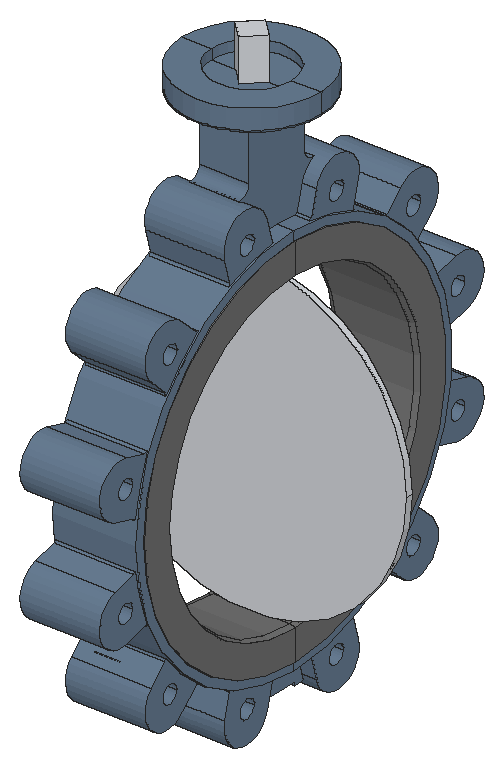
Revit family "HERZ Isolating Butterfly Valves AF-4219", category Rohrzubehör, Revit 2020 (continued)
Lines and regions (mm)
  model lines, detail levels coarse+medium
    curve 10: line (39, 0, 183) -> (-39, 0, 183)
    curve 11: line (39, 0, -183) -> (-39, 0, 183)
    curve 12: circle (0, 0, 0) r 5 normal (0, -1, 0)
Dimensions and locks
  "H01": Revolve 2 sketch curve to plane 2
  "H02": Revolve 2 sketch curve to Revolve 2 sketch curve
  "R01": Revolve 2 sketch curve to Revolve 2 sketch curve
  "D01": plane 2 to Revolve 1 sketch curve
  "D02": plane 2 to Revolve 1 sketch curve
  "D03": plane 2 to Revolve 1 sketch curve
  "L01": Revolve 1 sketch curve to plane 3 "Mitte (Links/rechts)"
  "L02": plane 3 "Mitte (Links/rechts)" to Revolve 1 sketch curve  (x2)
  "D05": Revolve 6 sketch curve to plane 2
  "D04": Revolve 6 sketch curve to plane 2  (x2)
  "D02": Revolve 6 sketch curve to plane 2  (x2)
  "L03": plane 3 "Mitte (Links/rechts)" to Revolve 6 sketch curve
  "L02": Revolve 6 sketch curve to plane 3 "Mitte (Links/rechts)"
  "L03": Revolve 6 sketch curve to plane 3 "Mitte (Links/rechts)"
  "L01": plane 3 "Mitte (Links/rechts)" to Revolve 1 sketch curve
  "D02": Revolve 1 sketch curve to plane 2
  "L02": plane 3 "Mitte (Links/rechts)" to Revolve 6 sketch curve
  "D03": plane 2 to Revolve 6 sketch curve
  "L04": Revolve 6 sketch curve to plane 3 "Mitte (Links/rechts)" to Revolve 6 sketch curve
  "L01": curve 2 to plane 3 "Mitte (Links/rechts)" to curve 4
  equal spacing: curve 3, curve 6, curve 1
  equal spacing: curve 2, curve 6, curve 4
  "D01": curve 1 to plane 1 "Mitte (Vorne/hinten)" to curve 3
  "L01": curve 7 to curve 12 to curve 9
  "D01": curve 10 to curve 12 to curve 8
  "H03": Revolve 2 sketch curve to Revolve 2 sketch curve
  "R02": Revolve 2 sketch curve to Revolve 2 sketch curve
  equal spacing: Extrusion 24 sketch curve, curve 11, Extrusion 24 sketch curve  (x2)
  "L05": Extrusion 24 sketch curve to Extrusion 24 sketch curve  (x2)
  "H04": Extrusion 24 to plane 2
  "H05": Extrusion 24 to Revolve 2
  "R99": radius of Revolve 2 sketch curve
  "D06": radius of Extrusion 7 sketch curve
  radius of curve 6 = 5.000 mm
  radius of curve 12 = 5.000 mm
  aligned and locked: level to plane 2
Automatic sketch dimensions
  Extrusion 3 sketch curve to Extrusion 3 sketch curve = 0.000 mm  (x20)
  Extrusion 3 sketch curve to level = 0.000 mm
  Extrusion 3 sketch curve to plane 1 "Mitte (Vorne/hinten)" = 0.000 mm
  plane 1 "Mitte (Vorne/hinten)" to Extrusion 3 sketch curve = 18.495 mm  (x2)
  Extrusion 3 sketch curve to Extrusion 3 sketch curve = 1.414 mm  (x16)
  Extrusion 3 sketch curve to Extrusion 3 sketch curve = 12.265 mm  (x8)
  Extrusion 3 sketch curve to level = 19.909 mm  (x2)
  Extrusion 3 sketch curve to Extrusion 3 sketch curve = 24.042 mm  (x8)
  level to Extrusion 3 sketch curve = 19.909 mm  (x2)
  Extrusion 3 sketch curve to Extrusion 3 sketch curve = 12.021 mm  (x12)
  Extrusion 3 sketch curve to plane 1 "Mitte (Vorne/hinten)" = 18.495 mm  (x2)
  Extrusion 3 sketch curve to Extrusion 3 sketch curve = 0.934 mm  (x4)
  Extrusion 4 sketch curve to level = 0.000 mm
  Extrusion 4 sketch curve to plane 1 "Mitte (Vorne/hinten)" = 0.000 mm
  plane 1 "Mitte (Vorne/hinten)" to Extrusion 4 sketch curve = 18.495 mm
  Extrusion 4 sketch curve to Extrusion 4 sketch curve = 1.414 mm  (x4)
  plane 1 "Mitte (Vorne/hinten)" to Extrusion 4 sketch curve = 20.000 mm
  Extrusion 4 sketch curve to Extrusion 4 sketch curve = 12.265 mm  (x2)
  Extrusion 4 sketch curve to Extrusion 4 sketch curve = 15.000 mm  (x2)
  Extrusion 4 sketch curve to Extrusion 4 sketch curve = 12.021 mm  (x4)
  Extrusion 4 sketch curve to plane 1 "Mitte (Vorne/hinten)" = 18.495 mm
  Extrusion 4 sketch curve to plane 1 "Mitte (Vorne/hinten)" = 20.000 mm
  level to Extrusion 4 sketch curve = 43.950 mm
  Extrusion 4 sketch curve to Extrusion 4 sketch curve = 0.000 mm
  Extrusion 4 sketch curve to Extrusion 4 sketch curve = 0.244 mm  (x2)
  Extrusion 4 sketch curve to Extrusion 4 sketch curve = 18.630 mm  (x2)
  Extrusion 4 sketch curve to Extrusion 4 sketch curve = 0.934 mm
  Extrusion 5 sketch curve to level = 0.000 mm
  Extrusion 5 sketch curve to plane 1 "Mitte (Vorne/hinten)" = 0.000 mm
  plane 1 "Mitte (Vorne/hinten)" to Extrusion 5 sketch curve = 15.000 mm
  Extrusion 5 sketch curve to Extrusion 5 sketch curve = 1.963 mm  (x2)
  Extrusion 5 sketch curve to Extrusion 5 sketch curve = 1.531 mm  (x2)
  Extrusion 5 sketch curve to Extrusion 5 sketch curve = 1.414 mm  (x4)
  Extrusion 5 sketch curve to Extrusion 5 sketch curve = 15.210 mm  (x2)
  Extrusion 5 sketch curve to Extrusion 5 sketch curve = 1.660 mm  (x2)
  Extrusion 5 sketch curve to Extrusion 5 sketch curve = 12.021 mm  (x3)
  Extrusion 5 sketch curve to plane 1 "Mitte (Vorne/hinten)" = 15.000 mm
  Extrusion 5 sketch curve to Extrusion 5 sketch curve = 1.037 mm  (x2)
  Extrusion 5 sketch curve to Extrusion 5 sketch curve = 1.400 mm  (x2)
  Extrusion 5 sketch curve to Extrusion 5 sketch curve = 1.785 mm  (x2)
  Extrusion 5 sketch curve to Extrusion 5 sketch curve = 12.635 mm  (x2)
  Extrusion 5 sketch curve to Extrusion 5 sketch curve = 0.934 mm
  Extrusion 5 sketch curve to Extrusion 5 sketch curve = 0.788 mm  (x2)
  Extrusion 5 sketch curve to Extrusion 5 sketch curve = 0.000 mm  (x2)
  Extrusion 4 sketch curve to Extrusion 4 sketch curve = 37.155 mm
  Extrusion 5 sketch curve to level = 43.950 mm
  Extrusion 8 sketch curve to Extrusion 8 sketch curve = 0.000 mm  (x12)
  Extrusion 8 sketch curve to level = 39.244 mm  (x2)
  plane 1 "Mitte (Vorne/hinten)" to Extrusion 8 sketch curve = 63.286 mm
  level to Extrusion 8 sketch curve = 39.244 mm  (x2)
  Extrusion 8 sketch curve to Extrusion 8 sketch curve = 9.190 mm  (x2)
  level to Extrusion 8 sketch curve = 28.614 mm  (x2)
  Extrusion 8 sketch curve to Extrusion 8 sketch curve = 1.441 mm  (x8)
  Extrusion 8 sketch curve to level = 28.614 mm  (x2)
  Extrusion 8 sketch curve to Extrusion 8 sketch curve = 12.021 mm  (x6)
  level to Extrusion 8 sketch curve = 63.286 mm  (x2)
  Extrusion 8 sketch curve to level = 63.286 mm  (x2)
  level to Extrusion 8 sketch curve = 52.636 mm  (x2)
  Extrusion 8 sketch curve to Extrusion 8 sketch curve = 10.650 mm  (x4)
  Extrusion 8 sketch curve to level = 52.636 mm  (x2)
  Extrusion 8 sketch curve to Extrusion 8 sketch curve = 1.414 mm  (x8)
  level to Extrusion 8 sketch curve = 0.001 mm  (x2)
  Extrusion 8 sketch curve to Extrusion 8 sketch curve = 28.594 mm
  Extrusion 8 sketch curve to level = 0.001 mm  (x2)
  Extrusion 8 sketch curve to Extrusion 8 sketch curve = 0.001 mm  (x2)
  Extrusion 8 sketch curve to Extrusion 8 sketch curve = 54.361 mm  (x2)
  Extrusion 8 sketch curve to Extrusion 8 sketch curve = 1.390 mm  (x2)
  Extrusion 8 sketch curve to Extrusion 8 sketch curve = 10.630 mm  (x2)
  Extrusion 8 sketch curve to Extrusion 8 sketch curve = 1.832 mm  (x2)
  Extrusion 9 sketch curve to Extrusion 9 sketch curve = 0.000 mm  (x5)
  Extrusion 9 sketch curve to level = 0.000 mm
  Extrusion 9 sketch curve to level = 51.265 mm
  plane 1 "Mitte (Vorne/hinten)" to Extrusion 9 sketch curve = 51.265 mm
  level to Extrusion 9 sketch curve = 51.265 mm
  Extrusion 9 sketch curve to Extrusion 9 sketch curve = 9.247 mm  (x3)
  Extrusion 9 sketch curve to level = 63.286 mm  (x2)
  Extrusion 9 sketch curve to Extrusion 9 sketch curve = 2.774 mm  (x4)
  level to Extrusion 9 sketch curve = 63.286 mm  (x2)
  Extrusion 9 sketch curve to Extrusion 9 sketch curve = 2.244 mm  (x2)
  Extrusion 9 sketch curve to Extrusion 9 sketch curve = 0.183 mm  (x2)
  level to Extrusion 9 sketch curve = 52.636 mm  (x2)
  Extrusion 9 sketch curve to Extrusion 9 sketch curve = 10.650 mm  (x3)
  Extrusion 9 sketch curve to level = 52.636 mm  (x2)
  Extrusion 9 sketch curve to Extrusion 9 sketch curve = 1.414 mm  (x8)
  Extrusion 9 sketch curve to Extrusion 9 sketch curve = 14.817 mm  (x2)
  Extrusion 9 sketch curve to Extrusion 9 sketch curve = 7.210 mm
  Extrusion 9 sketch curve to Extrusion 9 sketch curve = 1.971 mm
  Extrusion 9 sketch curve to Extrusion 9 sketch curve = 28.595 mm
  Extrusion 9 sketch curve to Extrusion 9 sketch curve = 36.000 mm
  Extrusion 9 sketch curve to Extrusion 9 sketch curve = 1.997 mm
  Extrusion 9 sketch curve to Extrusion 9 sketch curve = 44.000 mm
  Extrusion 9 sketch curve to Extrusion 9 sketch curve = 5.181 mm
  Extrusion 9 sketch curve to Extrusion 9 sketch curve = 7.184 mm
  Extrusion 9 sketch curve to Extrusion 9 sketch curve = 12.021 mm  (x2)
  Extrusion 9 sketch curve to Extrusion 9 sketch curve = 14.891 mm
  Extrusion 9 sketch curve to Extrusion 9 sketch curve = 6.473 mm
  Extrusion 9 sketch curve to Extrusion 9 sketch curve = 12.756 mm  (x2)
  Extrusion 9 sketch curve to Extrusion 9 sketch curve = 55.987 mm
  Extrusion 10 sketch curve to Extrusion 10 sketch curve = 0.000 mm  (x48)
  level to Extrusion 10 sketch curve = 14.909 mm  (x2)
  plane 1 "Mitte (Vorne/hinten)" to Extrusion 10 sketch curve = 80.416 mm
  Extrusion 10 sketch curve to level = 14.909 mm  (x2)
  Extrusion 10 sketch curve to Extrusion 10 sketch curve = 6.506 mm  (x6)
  Extrusion 10 sketch curve to level = 46.321 mm  (x2)
  level to Extrusion 10 sketch curve = 46.321 mm  (x2)
  Extrusion 10 sketch curve to level = 7.243 mm
  Extrusion 10 sketch curve to Extrusion 10 sketch curve = 13.321 mm
  level to Extrusion 10 sketch curve = 7.243 mm
  Extrusion 10 sketch curve to level = 9.076 mm  (x2)
  Extrusion 10 sketch curve to Extrusion 10 sketch curve = 0.759 mm  (x8)
  level to Extrusion 10 sketch curve = 9.076 mm  (x2)
  level to Extrusion 10 sketch curve = 40.487 mm  (x2)
  Extrusion 10 sketch curve to Extrusion 10 sketch curve = 14.082 mm  (x4)
  Extrusion 10 sketch curve to level = 40.487 mm  (x2)
  Extrusion 10 sketch curve to Extrusion 10 sketch curve = 0.758 mm  (x8)
  level to Extrusion 10 sketch curve = 67.405 mm  (x2)
  Extrusion 10 sketch curve to Extrusion 10 sketch curve = 6.243 mm  (x2)
  Extrusion 10 sketch curve to level = 67.405 mm  (x2)
  Extrusion 10 sketch curve to Extrusion 10 sketch curve = 10.245 mm  (x4)
  level to Extrusion 10 sketch curve = 53.322 mm  (x2)
  Extrusion 10 sketch curve to Extrusion 10 sketch curve = 1.831 mm  (x8)
  Extrusion 10 sketch curve to level = 53.322 mm  (x2)
  Extrusion 10 sketch curve to Extrusion 10 sketch curve = 15.706 mm  (x6)
  level to Extrusion 10 sketch curve = 80.416 mm  (x2)
  Extrusion 10 sketch curve to level = 80.416 mm  (x2)
  Extrusion 10 sketch curve to level = 66.335 mm  (x2)
  Extrusion 10 sketch curve to Extrusion 10 sketch curve = 5.832 mm  (x4)
  level to Extrusion 10 sketch curve = 66.335 mm  (x2)
  Extrusion 10 sketch curve to Extrusion 10 sketch curve = 1.833 mm  (x6)
  level to Extrusion 10 sketch curve = 0.000 mm
  Extrusion 10 sketch curve to Extrusion 10 sketch curve = 14.486 mm  (x2)
  Extrusion 10 sketch curve to Extrusion 10 sketch curve = 9.873 mm  (x2)
  Extrusion 10 sketch curve to Extrusion 10 sketch curve = 5.833 mm  (x2)
  Extrusion 10 sketch curve to Extrusion 10 sketch curve = 13.013 mm
  Extrusion 10 sketch curve to Extrusion 10 sketch curve = 14.081 mm  (x2)
  Extrusion 10 sketch curve to Extrusion 10 sketch curve = 1.973 mm  (x4)
  Extrusion 10 sketch curve to Extrusion 10 sketch curve = 1.544 mm  (x4)
  Extrusion 10 sketch curve to Extrusion 10 sketch curve = 1.243 mm  (x3)
  Extrusion 10 sketch curve to Extrusion 10 sketch curve = 0.211 mm  (x2)
  Extrusion 10 sketch curve to Extrusion 10 sketch curve = 0.002 mm  (x5)
  Extrusion 10 sketch curve to Extrusion 10 sketch curve = 0.213 mm  (x2)
  Extrusion 10 sketch curve to Extrusion 10 sketch curve = 41.076 mm
  Extrusion 10 sketch curve to level = 0.000 mm
  level to Extrusion 11 sketch curve = 100.814 mm
  plane 1 "Mitte (Vorne/hinten)" to Extrusion 11 sketch curve = 32.000 mm
  Extrusion 11 sketch curve to Extrusion 11 sketch curve = 1.385 mm
  Extrusion 11 sketch curve to Extrusion 11 sketch curve = 10.000 mm  (x2)
  Extrusion 11 sketch curve to level = 80.416 mm
  Extrusion 11 sketch curve to Extrusion 11 sketch curve = 15.706 mm  (x3)
  level to Extrusion 11 sketch curve = 80.416 mm  (x2)
  Extrusion 11 sketch curve to Extrusion 11 sketch curve = 1.409 mm
  Extrusion 11 sketch curve to level = 66.335 mm  (x2)
  Extrusion 11 sketch curve to Extrusion 11 sketch curve = 5.832 mm  (x3)
  level to Extrusion 11 sketch curve = 66.335 mm  (x2)
  Extrusion 11 sketch curve to Extrusion 11 sketch curve = 1.833 mm  (x4)
  level to Extrusion 11 sketch curve = 0.554 mm
  Extrusion 11 sketch curve to Extrusion 11 sketch curve = 9.076 mm
  Extrusion 11 sketch curve to level = 0.554 mm
  Extrusion 11 sketch curve to Extrusion 11 sketch curve = 0.000 mm  (x3)
  Extrusion 11 sketch curve to Extrusion 11 sketch curve = 14.486 mm  (x2)
  Extrusion 11 sketch curve to Extrusion 11 sketch curve = 44.000 mm
  Extrusion 11 sketch curve to Extrusion 11 sketch curve = 0.759 mm  (x4)
  Extrusion 11 sketch curve to Extrusion 11 sketch curve = 6.506 mm
  Extrusion 11 sketch curve to Extrusion 11 sketch curve = 42.686 mm
  Extrusion 11 sketch curve to level = 80.371 mm
  Extrusion 11 sketch curve to Extrusion 11 sketch curve = 1.390 mm
  Extrusion 11 sketch curve to Extrusion 11 sketch curve = 27.000 mm
  Extrusion 12 sketch curve to Extrusion 12 sketch curve = 0.000 mm  (x40)
  Extrusion 12 sketch curve to level = 0.000 mm
  level to Extrusion 12 sketch curve = 18.736 mm  (x2)
  plane 1 "Mitte (Vorne/hinten)" to Extrusion 12 sketch curve = 89.655 mm
  Extrusion 12 sketch curve to level = 18.736 mm  (x2)
  Extrusion 12 sketch curve to Extrusion 12 sketch curve = 6.506 mm  (x6)
  Extrusion 12 sketch curve to level = 50.147 mm  (x2)
  level to Extrusion 12 sketch curve = 50.147 mm  (x2)
  Extrusion 12 sketch curve to Extrusion 12 sketch curve = 13.415 mm  (x2)
  Extrusion 12 sketch curve to level = 12.858 mm  (x2)
  Extrusion 12 sketch curve to Extrusion 12 sketch curve = 0.776 mm  (x8)
  level to Extrusion 12 sketch curve = 12.858 mm  (x2)
  Extrusion 12 sketch curve to level = 44.269 mm  (x2)
  Extrusion 12 sketch curve to Extrusion 12 sketch curve = 14.192 mm  (x4)
  level to Extrusion 12 sketch curve = 44.269 mm  (x2)
  Extrusion 12 sketch curve to Extrusion 12 sketch curve = 0.775 mm  (x8)
  level to Extrusion 12 sketch curve = 76.644 mm  (x2)
  Extrusion 12 sketch curve to Extrusion 12 sketch curve = 11.529 mm  (x2)
  Extrusion 12 sketch curve to level = 76.644 mm  (x2)
  Extrusion 12 sketch curve to Extrusion 12 sketch curve = 4.008 mm  (x2)
  level to Extrusion 12 sketch curve = 62.451 mm  (x2)
  Extrusion 12 sketch curve to Extrusion 12 sketch curve = 1.871 mm  (x8)
  Extrusion 12 sketch curve to level = 62.451 mm  (x2)
  Extrusion 12 sketch curve to Extrusion 12 sketch curve = 15.706 mm  (x6)
  level to Extrusion 12 sketch curve = 89.655 mm  (x2)
  Extrusion 12 sketch curve to level = 89.655 mm  (x2)
  Extrusion 12 sketch curve to level = 75.464 mm  (x2)
  Extrusion 12 sketch curve to Extrusion 12 sketch curve = 5.878 mm  (x4)
  level to Extrusion 12 sketch curve = 75.464 mm  (x2)
  Extrusion 12 sketch curve to Extrusion 12 sketch curve = 1.873 mm  (x8)
  Extrusion 12 sketch curve to Extrusion 12 sketch curve = 21.969 mm  (x2)
  Extrusion 12 sketch curve to Extrusion 12 sketch curve = 9.827 mm  (x2)
  Extrusion 12 sketch curve to Extrusion 12 sketch curve = 5.879 mm  (x2)
  Extrusion 12 sketch curve to Extrusion 12 sketch curve = 15.537 mm  (x2)
  Extrusion 12 sketch curve to Extrusion 12 sketch curve = 13.013 mm
  Extrusion 12 sketch curve to Extrusion 12 sketch curve = 14.190 mm  (x2)
  Extrusion 12 sketch curve to Extrusion 12 sketch curve = 44.269 mm
  Extrusion 13 sketch curve to Extrusion 13 sketch curve = 0.000 mm  (x5)
  Extrusion 13 sketch curve to level = 0.000 mm
  level to Extrusion 13 sketch curve = 114.470 mm
  plane 1 "Mitte (Vorne/hinten)" to Extrusion 13 sketch curve = 41.000 mm
  Extrusion 13 sketch curve to level = 83.149 mm
  Extrusion 13 sketch curve to Extrusion 13 sketch curve = 6.558 mm  (x2)
  Extrusion 13 sketch curve to Extrusion 13 sketch curve = 15.000 mm  (x2)
  level to Extrusion 13 sketch curve = 89.655 mm  (x2)
  Extrusion 13 sketch curve to Extrusion 13 sketch curve = 15.706 mm  (x2)
  Extrusion 13 sketch curve to Extrusion 13 sketch curve = 5.236 mm  (x2)
  level to Extrusion 13 sketch curve = 75.464 mm  (x2)
  Extrusion 13 sketch curve to Extrusion 13 sketch curve = 5.878 mm  (x3)
  Extrusion 13 sketch curve to level = 75.464 mm  (x2)
  Extrusion 13 sketch curve to Extrusion 13 sketch curve = 1.873 mm  (x4)
  Extrusion 13 sketch curve to Extrusion 13 sketch curve = 12.858 mm
  Extrusion 13 sketch curve to Extrusion 13 sketch curve = 21.969 mm
  Extrusion 13 sketch curve to Extrusion 13 sketch curve = 3.345 mm
  Extrusion 13 sketch curve to Extrusion 13 sketch curve = 3.000 mm  (x2)
  Extrusion 13 sketch curve to Extrusion 13 sketch curve = 6.506 mm  (x3)
  Extrusion 13 sketch curve to Extrusion 13 sketch curve = 0.776 mm  (x4)
  Extrusion 13 sketch curve to Extrusion 13 sketch curve = 31.321 mm
  Extrusion 13 sketch curve to Extrusion 13 sketch curve = 52.530 mm
  Extrusion 13 sketch curve to Extrusion 13 sketch curve = 11.129 mm  (x2)
  Extrusion 13 sketch curve to Extrusion 13 sketch curve = 9.812 mm  (x2)
  Extrusion 13 sketch curve to Extrusion 13 sketch curve = 3.078 mm
  Extrusion 13 sketch curve to Extrusion 13 sketch curve = 21.680 mm
  Extrusion 13 sketch curve to Extrusion 13 sketch curve = 2.515 mm
  Extrusion 13 sketch curve to Extrusion 13 sketch curve = 52.000 mm
  Extrusion 14 sketch curve to Extrusion 14 sketch curve = 0.000 mm  (x22)
  Extrusion 14 sketch curve to level = 24.476 mm  (x2)
  plane 1 "Mitte (Vorne/hinten)" to Extrusion 14 sketch curve = 103.513 mm
  level to Extrusion 14 sketch curve = 24.476 mm  (x2)
  Extrusion 14 sketch curve to Extrusion 14 sketch curve = 6.506 mm  (x6)
  Extrusion 14 sketch curve to Extrusion 14 sketch curve = 11.623 mm  (x2)
  Extrusion 14 sketch curve to level = 19.351 mm  (x2)
  Extrusion 14 sketch curve to Extrusion 14 sketch curve = 0.749 mm  (x8)
  level to Extrusion 14 sketch curve = 19.351 mm  (x2)
  Extrusion 14 sketch curve to level = 55.888 mm  (x2)
  level to Extrusion 14 sketch curve = 55.888 mm  (x2)
  Extrusion 14 sketch curve to level = 50.783 mm  (x2)
  Extrusion 14 sketch curve to Extrusion 14 sketch curve = 12.323 mm  (x4)
  level to Extrusion 14 sketch curve = 50.783 mm  (x2)
  Extrusion 14 sketch curve to Extrusion 14 sketch curve = 0.774 mm  (x8)
  level to Extrusion 14 sketch curve = 90.502 mm  (x2)
  Extrusion 14 sketch curve to Extrusion 14 sketch curve = 21.517 mm  (x2)
  Extrusion 14 sketch curve to level = 90.502 mm  (x2)
  Extrusion 14 sketch curve to Extrusion 14 sketch curve = 3.235 mm  (x2)
  Extrusion 14 sketch curve to level = 78.179 mm  (x2)
  Extrusion 14 sketch curve to Extrusion 14 sketch curve = 1.869 mm  (x8)
  level to Extrusion 14 sketch curve = 78.179 mm  (x2)
  Extrusion 14 sketch curve to Extrusion 14 sketch curve = 15.706 mm  (x6)
  level to Extrusion 14 sketch curve = 103.513 mm  (x2)
  Extrusion 14 sketch curve to level = 103.513 mm  (x2)
  level to Extrusion 14 sketch curve = 91.141 mm  (x2)
  Extrusion 14 sketch curve to Extrusion 14 sketch curve = 5.125 mm  (x4)
  Extrusion 14 sketch curve to level = 91.141 mm  (x2)
  Extrusion 14 sketch curve to Extrusion 14 sketch curve = 1.809 mm  (x8)
  Extrusion 14 sketch curve to level = 0.103 mm  (x2)
  Extrusion 14 sketch curve to Extrusion 14 sketch curve = 90.896 mm
  level to Extrusion 14 sketch curve = 0.103 mm  (x2)
  Extrusion 14 sketch curve to Extrusion 14 sketch curve = 0.142 mm  (x7)
  Extrusion 14 sketch curve to Extrusion 14 sketch curve = 0.207 mm  (x2)
  Extrusion 14 sketch curve to Extrusion 14 sketch curve = 35.084 mm  (x2)
  Extrusion 14 sketch curve to Extrusion 14 sketch curve = 10.601 mm  (x2)
  Extrusion 14 sketch curve to Extrusion 14 sketch curve = 5.104 mm  (x2)
  Extrusion 14 sketch curve to Extrusion 14 sketch curve = 24.752 mm  (x2)
  Extrusion 14 sketch curve to Extrusion 14 sketch curve = 12.962 mm  (x2)
  Extrusion 14 sketch curve to Extrusion 14 sketch curve = 12.372 mm  (x2)
  Extrusion 14 sketch curve to level = 0.245 mm
  Extrusion 14 sketch curve to Extrusion 14 sketch curve = 1.933 mm  (x2)
  Extrusion 14 sketch curve to Extrusion 14 sketch curve = 0.314 mm  (x2)
  level to Extrusion 15 sketch curve = 97.007 mm
  plane 1 "Mitte (Vorne/hinten)" to Extrusion 15 sketch curve = 40.182 mm
  Extrusion 15 sketch curve to level = 97.007 mm
  Extrusion 15 sketch curve to Extrusion 15 sketch curve = 0.000 mm  (x7)
  Extrusion 15 sketch curve to Extrusion 15 sketch curve = 4.132 mm
  Extrusion 15 sketch curve to Extrusion 15 sketch curve = 10.048 mm  (x2)
  Extrusion 15 sketch curve to Extrusion 15 sketch curve = 15.706 mm  (x3)
  level to Extrusion 15 sketch curve = 103.513 mm  (x2)
  level to Extrusion 15 sketch curve = 91.141 mm  (x2)
  Extrusion 15 sketch curve to Extrusion 15 sketch curve = 5.125 mm  (x3)
  Extrusion 15 sketch curve to level = 91.141 mm  (x2)
  Extrusion 15 sketch curve to Extrusion 15 sketch curve = 1.809 mm  (x4)
  Extrusion 15 sketch curve to Extrusion 15 sketch curve = 10.974 mm  (x2)
  Extrusion 15 sketch curve to level = 0.111 mm
  Extrusion 15 sketch curve to Extrusion 15 sketch curve = 19.350 mm
  level to Extrusion 15 sketch curve = 0.111 mm
  Extrusion 15 sketch curve to Extrusion 15 sketch curve = 35.081 mm
  Extrusion 15 sketch curve to Extrusion 15 sketch curve = 4.041 mm
  Extrusion 15 sketch curve to level = 103.513 mm
  Extrusion 15 sketch curve to Extrusion 15 sketch curve = 9.998 mm  (x2)
  Extrusion 15 sketch curve to Extrusion 15 sketch curve = 3.000 mm
  Extrusion 15 sketch curve to Extrusion 15 sketch curve = 6.505 mm  (x2)
  Extrusion 15 sketch curve to Extrusion 15 sketch curve = 0.749 mm  (x4)
  Extrusion 15 sketch curve to Extrusion 15 sketch curve = 20.176 mm  (x2)
  Extrusion 15 sketch curve to Extrusion 15 sketch curve = 62.311 mm
  Extrusion 15 sketch curve to Extrusion 15 sketch curve = 0.048 mm
  Extrusion 15 sketch curve to Extrusion 15 sketch curve = 11.626 mm  (x2)
  Extrusion 15 sketch curve to Extrusion 15 sketch curve = 27.000 mm
  Extrusion 15 sketch curve to Extrusion 15 sketch curve = 52.000 mm
  Extrusion 16 sketch curve to Extrusion 16 sketch curve = 0.000 mm  (x23)
  Extrusion 16 sketch curve to level = 26.521 mm  (x2)
  plane 1 "Mitte (Vorne/hinten)" to Extrusion 16 sketch curve = 118.902 mm
  level to Extrusion 16 sketch curve = 26.521 mm  (x2)
  Extrusion 16 sketch curve to Extrusion 16 sketch curve = 8.036 mm  (x6)
  Extrusion 16 sketch curve to Extrusion 16 sketch curve = 15.875 mm  (x2)
  level to Extrusion 16 sketch curve = 65.323 mm  (x2)
  Extrusion 16 sketch curve to level = 65.323 mm  (x2)
  level to Extrusion 16 sketch curve = 19.621 mm  (x2)
  Extrusion 16 sketch curve to Extrusion 16 sketch curve = 0.782 mm  (x8)
  Extrusion 16 sketch curve to level = 19.621 mm  (x2)
  Extrusion 16 sketch curve to level = 58.409 mm  (x2)
  Extrusion 16 sketch curve to Extrusion 16 sketch curve = 16.693 mm  (x4)
  level to Extrusion 16 sketch curve = 58.409 mm  (x2)
  Extrusion 16 sketch curve to Extrusion 16 sketch curve = 0.763 mm  (x8)
  Extrusion 16 sketch curve to level = 102.829 mm  (x2)
  Extrusion 16 sketch curve to Extrusion 16 sketch curve = 20.050 mm  (x2)
  level to Extrusion 16 sketch curve = 102.829 mm  (x2)
  Extrusion 16 sketch curve to Extrusion 16 sketch curve = 5.074 mm  (x2)
  level to Extrusion 16 sketch curve = 86.136 mm  (x2)
  Extrusion 16 sketch curve to Extrusion 16 sketch curve = 1.841 mm  (x8)
  Extrusion 16 sketch curve to level = 86.136 mm  (x2)
  Extrusion 16 sketch curve to Extrusion 16 sketch curve = 19.401 mm  (x6)
  level to Extrusion 16 sketch curve = 118.902 mm  (x2)
  Extrusion 16 sketch curve to level = 118.902 mm  (x2)
  level to Extrusion 16 sketch curve = 102.246 mm  (x2)
  Extrusion 16 sketch curve to Extrusion 16 sketch curve = 6.899 mm  (x4)
  Extrusion 16 sketch curve to level = 102.246 mm  (x2)
  Extrusion 16 sketch curve to Extrusion 16 sketch curve = 1.887 mm  (x8)
  level to Extrusion 16 sketch curve = 0.002 mm  (x2)
  Extrusion 16 sketch curve to Extrusion 16 sketch curve = 86.133 mm
  Extrusion 16 sketch curve to level = 0.002 mm
  Extrusion 16 sketch curve to Extrusion 16 sketch curve = 0.001 mm  (x8)
  Extrusion 16 sketch curve to Extrusion 16 sketch curve = 35.469 mm  (x2)
  Extrusion 16 sketch curve to Extrusion 16 sketch curve = 12.487 mm  (x2)
  Extrusion 16 sketch curve to Extrusion 16 sketch curve = 6.914 mm  (x2)
  Extrusion 16 sketch curve to Extrusion 16 sketch curve = 25.124 mm  (x2)
  Extrusion 16 sketch curve to Extrusion 16 sketch curve = 16.110 mm
  Extrusion 16 sketch curve to Extrusion 16 sketch curve = 16.656 mm  (x2)
  Extrusion 16 sketch curve to level = 0.003 mm
  Extrusion 16 sketch curve to Extrusion 16 sketch curve = 2.019 mm  (x2)
  Extrusion 16 sketch curve to Extrusion 16 sketch curve = 0.309 mm  (x2)
  Extrusion 16 sketch curve to Extrusion 16 sketch curve = 0.004 mm  (x2)
  Extrusion 17 sketch curve to Extrusion 17 sketch curve = 0.000 mm  (x7)
  Extrusion 17 sketch curve to level = 0.000 mm
  Extrusion 17 sketch curve to plane 1 "Mitte (Vorne/hinten)" = 0.000 mm
  plane 1 "Mitte (Vorne/hinten)" to Extrusion 17 sketch curve = 13.500 mm
  plane 1 "Mitte (Vorne/hinten)" to Extrusion 17 sketch curve = 17.734 mm  (x2)
  Extrusion 17 sketch curve to Extrusion 17 sketch curve = 1.887 mm  (x4)
  plane 1 "Mitte (Vorne/hinten)" to Extrusion 17 sketch curve = 26.000 mm
  Extrusion 17 sketch curve to Extrusion 17 sketch curve = 0.521 mm
  Extrusion 17 sketch curve to Extrusion 17 sketch curve = 13.021 mm  (x2)
  Extrusion 17 sketch curve to Extrusion 17 sketch curve = 4.341 mm  (x2)
  Extrusion 17 sketch curve to Extrusion 17 sketch curve = 10.000 mm  (x2)
  Extrusion 17 sketch curve to Extrusion 17 sketch curve = 19.401 mm  (x4)
  Extrusion 17 sketch curve to plane 1 "Mitte (Vorne/hinten)" = 13.500 mm
  Extrusion 17 sketch curve to plane 1 "Mitte (Vorne/hinten)" = 17.734 mm  (x2)
  Extrusion 17 sketch curve to Extrusion 17 sketch curve = 6.899 mm
  Extrusion 17 sketch curve to level = 102.246 mm
  Extrusion 17 sketch curve to Extrusion 17 sketch curve = 0.782 mm  (x4)
  Extrusion 17 sketch curve to Extrusion 17 sketch curve = 8.620 mm  (x4)
  Extrusion 17 sketch curve to Extrusion 17 sketch curve = 16.656 mm  (x4)
  Extrusion 17 sketch curve to Extrusion 17 sketch curve = 3.000 mm
  level to Extrusion 17 sketch curve = 102.246 mm
  Extrusion 17 sketch curve to Extrusion 17 sketch curve = 16.098 mm  (x2)
  Extrusion 17 sketch curve to Extrusion 17 sketch curve = 64.000 mm
  Extrusion 17 sketch curve to Extrusion 17 sketch curve = 4.938 mm
  Extrusion 18 sketch curve to Extrusion 18 sketch curve = 0.000 mm  (x62)
  Extrusion 18 sketch curve to level = 0.000 mm
  Extrusion 18 sketch curve to level = 17.891 mm  (x2)
  plane 1 "Mitte (Vorne/hinten)" to Extrusion 18 sketch curve = 147.909 mm
  level to Extrusion 18 sketch curve = 17.891 mm  (x2)
  Extrusion 18 sketch curve to Extrusion 18 sketch curve = 5.435 mm  (x6)
  Extrusion 18 sketch curve to level = 58.460 mm  (x2)
  level to Extrusion 18 sketch curve = 58.460 mm  (x2)
  Extrusion 18 sketch curve to Extrusion 18 sketch curve = 15.462 mm  (x2)
  level to Extrusion 18 sketch curve = 13.612 mm  (x2)
  Extrusion 18 sketch curve to Extrusion 18 sketch curve = 0.509 mm  (x8)
  Extrusion 18 sketch curve to level = 13.612 mm  (x2)
  Extrusion 18 sketch curve to level = 54.199 mm  (x2)
  Extrusion 18 sketch curve to Extrusion 18 sketch curve = 15.903 mm  (x4)
  level to Extrusion 18 sketch curve = 54.199 mm  (x2)
  Extrusion 18 sketch curve to Extrusion 18 sketch curve = 0.530 mm  (x8)
  Extrusion 18 sketch curve to level = 89.449 mm  (x2)
  Extrusion 18 sketch curve to Extrusion 18 sketch curve = 1.459 mm  (x2)
  level to Extrusion 18 sketch curve = 89.449 mm  (x2)
  Extrusion 18 sketch curve to Extrusion 18 sketch curve = 10.302 mm  (x2)
  Extrusion 18 sketch curve to level = 77.758 mm  (x2)
  Extrusion 18 sketch curve to Extrusion 18 sketch curve = 1.389 mm  (x8)
  level to Extrusion 18 sketch curve = 77.758 mm  (x2)
  Extrusion 18 sketch curve to Extrusion 18 sketch curve = 14.849 mm  (x6)
  Extrusion 18 sketch curve to level = 119.147 mm  (x2)
  level to Extrusion 18 sketch curve = 119.147 mm  (x2)
  level to Extrusion 18 sketch curve = 107.506 mm  (x2)
  Extrusion 18 sketch curve to Extrusion 18 sketch curve = 11.642 mm  (x4)
  Extrusion 18 sketch curve to level = 107.506 mm  (x2)
  Extrusion 18 sketch curve to Extrusion 18 sketch curve = 1.448 mm  (x8)
  level to Extrusion 18 sketch curve = 137.039 mm  (x2)
  Extrusion 18 sketch curve to Extrusion 18 sketch curve = 17.899 mm  (x2)
  Extrusion 18 sketch curve to level = 137.039 mm  (x2)
  Extrusion 18 sketch curve to Extrusion 18 sketch curve = 2.283 mm  (x2)
  Extrusion 18 sketch curve to level = 121.136 mm  (x2)
  Extrusion 18 sketch curve to Extrusion 18 sketch curve = 1.978 mm  (x8)
  level to Extrusion 18 sketch curve = 121.136 mm  (x2)
  Extrusion 18 sketch curve to Extrusion 18 sketch curve = 20.284 mm  (x6)
  Extrusion 18 sketch curve to level = 147.909 mm  (x2)
  level to Extrusion 18 sketch curve = 147.909 mm  (x2)
  level to Extrusion 18 sketch curve = 131.939 mm  (x2)
  Extrusion 18 sketch curve to Extrusion 18 sketch curve = 4.279 mm  (x4)
  Extrusion 18 sketch curve to level = 131.939 mm  (x2)
  Extrusion 18 sketch curve to Extrusion 18 sketch curve = 1.898 mm  (x8)
  Extrusion 18 sketch curve to Extrusion 18 sketch curve = 13.612 mm
  Extrusion 18 sketch curve to Extrusion 18 sketch curve = 23.429 mm  (x2)
  Extrusion 18 sketch curve to Extrusion 18 sketch curve = 16.023 mm  (x2)
  Extrusion 18 sketch curve to Extrusion 18 sketch curve = 4.261 mm  (x2)
  Extrusion 18 sketch curve to Extrusion 18 sketch curve = 20.183 mm  (x2)
  Extrusion 18 sketch curve to Extrusion 18 sketch curve = 3.158 mm  (x2)
  Extrusion 18 sketch curve to Extrusion 18 sketch curve = 11.691 mm  (x2)
  Extrusion 18 sketch curve to Extrusion 18 sketch curve = 11.760 mm  (x2)
  Extrusion 18 sketch curve to Extrusion 18 sketch curve = 10.803 mm
  Extrusion 18 sketch curve to Extrusion 18 sketch curve = 15.970 mm  (x2)
  Extrusion 19 sketch curve to Extrusion 19 sketch curve = 0.000 mm  (x5)
  Extrusion 19 sketch curve to level = 0.000 mm
  Extrusion 19 sketch curve to level = 142.474 mm
  plane 1 "Mitte (Vorne/hinten)" to Extrusion 19 sketch curve = 38.176 mm
  level to Extrusion 19 sketch curve = 142.474 mm
  Extrusion 19 sketch curve to Extrusion 19 sketch curve = 8.163 mm
  Extrusion 19 sketch curve to Extrusion 19 sketch curve = 2.013 mm  (x2)
  Extrusion 19 sketch curve to level = 147.909 mm
  Extrusion 19 sketch curve to Extrusion 19 sketch curve = 20.284 mm  (x3)
  level to Extrusion 19 sketch curve = 147.909 mm  (x2)
  Extrusion 19 sketch curve to Extrusion 19 sketch curve = 10.109 mm
  Extrusion 19 sketch curve to level = 131.939 mm  (x2)
  Extrusion 19 sketch curve to Extrusion 19 sketch curve = 4.279 mm  (x4)
  level to Extrusion 19 sketch curve = 131.939 mm  (x2)
  Extrusion 19 sketch curve to Extrusion 19 sketch curve = 1.898 mm  (x4)
  Extrusion 19 sketch curve to Extrusion 19 sketch curve = 13.612 mm
  Extrusion 19 sketch curve to Extrusion 19 sketch curve = 23.429 mm  (x2)
  Extrusion 19 sketch curve to Extrusion 19 sketch curve = 56.000 mm
  Extrusion 19 sketch curve to Extrusion 19 sketch curve = 5.435 mm  (x2)
  Extrusion 19 sketch curve to Extrusion 19 sketch curve = 0.509 mm  (x4)
  Extrusion 19 sketch curve to Extrusion 19 sketch curve = 16.081 mm  (x2)
  Extrusion 19 sketch curve to Extrusion 19 sketch curve = 66.010 mm
  Extrusion 19 sketch curve to Extrusion 19 sketch curve = 1.832 mm  (x2)
  Extrusion 19 sketch curve to Extrusion 19 sketch curve = 0.173 mm
  Extrusion 20 sketch curve to level = 22.097 mm  (x2)
  plane 1 "Mitte (Vorne/hinten)" to Extrusion 20 sketch curve = 177.618 mm
  level to Extrusion 20 sketch curve = 22.097 mm  (x2)
  Extrusion 20 sketch curve to Extrusion 20 sketch curve = 0.000 mm  (x17)
  Extrusion 20 sketch curve to Extrusion 20 sketch curve = 6.470 mm  (x4)
  Extrusion 20 sketch curve to Extrusion 20 sketch curve = 2.415 mm  (x8)
  level to Extrusion 20 sketch curve = 70.393 mm  (x2)
  Extrusion 20 sketch curve to level = 70.393 mm  (x2)
  Extrusion 20 sketch curve to Extrusion 20 sketch curve = 18.556 mm  (x2)
  Extrusion 20 sketch curve to level = 16.983 mm  (x2)
  Extrusion 20 sketch curve to Extrusion 20 sketch curve = 0.529 mm  (x16)
  level to Extrusion 20 sketch curve = 16.983 mm  (x2)
  level to Extrusion 20 sketch curve = 65.280 mm  (x2)
  Extrusion 20 sketch curve to Extrusion 20 sketch curve = 19.085 mm  (x6)
  Extrusion 20 sketch curve to level = 65.280 mm  (x2)
  Extrusion 20 sketch curve to level = 107.956 mm  (x2)
  Extrusion 20 sketch curve to Extrusion 20 sketch curve = 2.085 mm  (x2)
  level to Extrusion 20 sketch curve = 107.956 mm  (x2)
  Extrusion 20 sketch curve to Extrusion 20 sketch curve = 12.527 mm  (x2)
  level to Extrusion 20 sketch curve = 93.984 mm  (x2)
  Extrusion 20 sketch curve to Extrusion 20 sketch curve = 1.445 mm  (x16)
  Extrusion 20 sketch curve to level = 93.984 mm  (x2)
  Extrusion 20 sketch curve to Extrusion 20 sketch curve = 17.678 mm  (x4)
  Extrusion 20 sketch curve to Extrusion 20 sketch curve = 1.768 mm  (x8)
  level to Extrusion 20 sketch curve = 143.311 mm  (x2)
  Extrusion 20 sketch curve to level = 143.311 mm  (x2)
  Extrusion 20 sketch curve to level = 129.340 mm  (x2)
  Extrusion 20 sketch curve to Extrusion 20 sketch curve = 13.971 mm  (x6)
  level to Extrusion 20 sketch curve = 129.340 mm  (x2)
  level to Extrusion 20 sketch curve = 164.981 mm  (x2)
  Extrusion 20 sketch curve to Extrusion 20 sketch curve = 22.118 mm  (x2)
  Extrusion 20 sketch curve to level = 164.981 mm  (x2)
  Extrusion 20 sketch curve to Extrusion 20 sketch curve = 3.140 mm  (x2)
  level to Extrusion 20 sketch curve = 145.897 mm  (x2)
  Extrusion 20 sketch curve to Extrusion 20 sketch curve = 1.974 mm  (x8)
  Extrusion 20 sketch curve to level = 145.897 mm  (x2)
  Extrusion 20 sketch curve to Extrusion 20 sketch curve = 24.148 mm  (x4)
  Extrusion 20 sketch curve to Extrusion 20 sketch curve = 0.647 mm  (x8)
  level to Extrusion 20 sketch curve = 177.922 mm  (x2)
  Extrusion 20 sketch curve to level = 177.922 mm  (x2)
  level to Extrusion 20 sketch curve = 158.837 mm  (x2)
  Extrusion 20 sketch curve to Extrusion 20 sketch curve = 5.114 mm  (x6)
  Extrusion 20 sketch curve to level = 158.837 mm  (x2)
  Extrusion 20 sketch curve to Extrusion 20 sketch curve = 1.973 mm  (x8)
  Extrusion 20 sketch curve to level = 0.226 mm  (x2)
  Extrusion 20 sketch curve to Extrusion 20 sketch curve = 158.098 mm
  level to Extrusion 20 sketch curve = 0.226 mm
  level to Extrusion 20 sketch curve = 0.072 mm
  Extrusion 20 sketch curve to Extrusion 20 sketch curve = 0.128 mm  (x3)
  Extrusion 20 sketch curve to level = 0.072 mm
  Extrusion 20 sketch curve to Extrusion 20 sketch curve = 0.061 mm  (x4)
  Extrusion 20 sketch curve to level = 0.036 mm  (x2)
  Extrusion 20 sketch curve to Extrusion 20 sketch curve = 0.324 mm
  Extrusion 20 sketch curve to Extrusion 20 sketch curve = 29.244 mm  (x2)
  Extrusion 20 sketch curve to Extrusion 20 sketch curve = 23.501 mm  (x2)
  Extrusion 20 sketch curve to Extrusion 20 sketch curve = 19.681 mm  (x2)
  Extrusion 20 sketch curve to Extrusion 20 sketch curve = 25.258 mm  (x2)
  Extrusion 20 sketch curve to Extrusion 20 sketch curve = 15.910 mm  (x2)
  Extrusion 20 sketch curve to Extrusion 20 sketch curve = 5.474 mm  (x2)
  Extrusion 20 sketch curve to Extrusion 20 sketch curve = 14.612 mm  (x2)
  Extrusion 20 sketch curve to Extrusion 20 sketch curve = 12.940 mm
  Extrusion 20 sketch curve to Extrusion 20 sketch curve = 4.056 mm  (x2)
  Extrusion 20 sketch curve to Extrusion 20 sketch curve = 0.035 mm  (x2)
  level to Extrusion 20 sketch curve = 0.036 mm  (x2)
  Extrusion 20 sketch curve to Extrusion 20 sketch curve = 0.154 mm
  Extrusion 20 sketch curve to Extrusion 20 sketch curve = 2.037 mm  (x4)
  Extrusion 20 sketch curve to Extrusion 20 sketch curve = 1.856 mm  (x4)
  Extrusion 20 sketch curve to Extrusion 20 sketch curve = 1.841 mm  (x4)
  Extrusion 20 sketch curve to Extrusion 20 sketch curve = 1.179 mm  (x4)
  Extrusion 20 sketch curve to Extrusion 20 sketch curve = 0.856 mm  (x4)
  Extrusion 20 sketch curve to Extrusion 20 sketch curve = 0.153 mm  (x4)
  level to Extrusion 21 sketch curve = 171.452 mm
  plane 1 "Mitte (Vorne/hinten)" to Extrusion 21 sketch curve = 45.940 mm
  Extrusion 21 sketch curve to level = 171.452 mm
  Extrusion 21 sketch curve to Extrusion 21 sketch curve = 0.000 mm  (x2)
  Extrusion 21 sketch curve to Extrusion 21 sketch curve = 6.907 mm
  Extrusion 21 sketch curve to Extrusion 21 sketch curve = 11.901 mm
  Extrusion 21 sketch curve to Extrusion 21 sketch curve = 1.957 mm  (x2)
  Extrusion 21 sketch curve to level = 177.922 mm  (x2)
  Extrusion 21 sketch curve to Extrusion 21 sketch curve = 17.241 mm
  level to Extrusion 21 sketch curve = 177.922 mm  (x2)
  Extrusion 21 sketch curve to Extrusion 21 sketch curve = 10.291 mm  (x2)
  Extrusion 21 sketch curve to Extrusion 21 sketch curve = 0.709 mm  (x2)
  level to Extrusion 21 sketch curve = 158.808 mm  (x2)
  Extrusion 21 sketch curve to Extrusion 21 sketch curve = 5.122 mm  (x3)
  Extrusion 21 sketch curve to level = 158.808 mm  (x2)
  Extrusion 21 sketch curve to Extrusion 21 sketch curve = 1.932 mm  (x4)
  level to Extrusion 21 sketch curve = 0.021 mm
  Extrusion 21 sketch curve to Extrusion 21 sketch curve = 16.588 mm
  Extrusion 21 sketch curve to Extrusion 21 sketch curve = 29.311 mm  (x2)
  Extrusion 21 sketch curve to Extrusion 21 sketch curve = 24.148 mm
  Extrusion 21 sketch curve to Extrusion 21 sketch curve = 17.557 mm
  Extrusion 21 sketch curve to Extrusion 21 sketch curve = 3.000 mm
  Extrusion 21 sketch curve to Extrusion 21 sketch curve = 6.470 mm  (x2)
  Extrusion 21 sketch curve to Extrusion 21 sketch curve = 0.518 mm  (x4)
  Extrusion 21 sketch curve to level = 0.021 mm
  Extrusion 21 sketch curve to Extrusion 21 sketch curve = 17.717 mm  (x2)
  Extrusion 21 sketch curve to Extrusion 21 sketch curve = 67.361 mm
  Extrusion 21 sketch curve to Extrusion 21 sketch curve = 0.120 mm  (x2)
  Extrusion 21 sketch curve to Extrusion 21 sketch curve = 17.951 mm
  Extrusion 21 sketch curve to Extrusion 21 sketch curve = 6.344 mm
  level to Extrusion 22 sketch curve = 28.910 mm  (x2)
  plane 1 "Mitte (Vorne/hinten)" to Extrusion 22 sketch curve = 204.485 mm
  Extrusion 22 sketch curve to level = 28.910 mm  (x2)
  Extrusion 22 sketch curve to Extrusion 22 sketch curve = 0.000 mm  (x9)
  Extrusion 22 sketch curve to Extrusion 22 sketch curve = 6.470 mm  (x4)
  Extrusion 22 sketch curve to Extrusion 22 sketch curve = 4.830 mm  (x8)
  Extrusion 22 sketch curve to level = 77.206 mm  (x2)
  level to Extrusion 22 sketch curve = 77.206 mm  (x2)
  Extrusion 22 sketch curve to Extrusion 22 sketch curve = 20.758 mm  (x2)
  level to Extrusion 22 sketch curve = 23.212 mm  (x2)
  Extrusion 22 sketch curve to Extrusion 22 sketch curve = 0.507 mm  (x8)
  Extrusion 22 sketch curve to level = 23.212 mm  (x2)
  Extrusion 22 sketch curve to level = 71.520 mm  (x2)
  Extrusion 22 sketch curve to Extrusion 22 sketch curve = 21.221 mm  (x4)
  level to Extrusion 22 sketch curve = 71.520 mm  (x2)
  Extrusion 22 sketch curve to Extrusion 22 sketch curve = 0.521 mm  (x8)
  level to Extrusion 22 sketch curve = 127.279 mm  (x2)
  Extrusion 22 sketch curve to Extrusion 22 sketch curve = 7.168 mm  (x2)
  Extrusion 22 sketch curve to level = 127.279 mm  (x2)
  Extrusion 22 sketch curve to Extrusion 22 sketch curve = 14.182 mm  (x2)
  Extrusion 22 sketch curve to level = 111.712 mm  (x2)
  Extrusion 22 sketch curve to Extrusion 22 sketch curve = 1.386 mm  (x8)
  level to Extrusion 22 sketch curve = 111.712 mm  (x2)
  Extrusion 22 sketch curve to Extrusion 22 sketch curve = 17.678 mm  (x4)
  Extrusion 22 sketch curve to Extrusion 22 sketch curve = 3.536 mm  (x8)
  level to Extrusion 22 sketch curve = 162.635 mm  (x2)
  Extrusion 22 sketch curve to level = 162.635 mm  (x2)
  Extrusion 22 sketch curve to level = 147.100 mm  (x2)
  Extrusion 22 sketch curve to Extrusion 22 sketch curve = 15.535 mm  (x4)
  level to Extrusion 22 sketch curve = 147.100 mm  (x2)
  Extrusion 22 sketch curve to Extrusion 22 sketch curve = 1.423 mm  (x8)
  level to Extrusion 22 sketch curve = 191.544 mm  (x2)
  Extrusion 22 sketch curve to Extrusion 22 sketch curve = 33.115 mm  (x2)
  Extrusion 22 sketch curve to level = 191.544 mm  (x2)
  Extrusion 22 sketch curve to Extrusion 22 sketch curve = 3.742 mm  (x2)
  Extrusion 22 sketch curve to level = 170.323 mm  (x2)
  Extrusion 22 sketch curve to Extrusion 22 sketch curve = 1.944 mm  (x8)
  level to Extrusion 22 sketch curve = 170.323 mm  (x2)
  Extrusion 22 sketch curve to Extrusion 22 sketch curve = 24.148 mm  (x4)
  Extrusion 22 sketch curve to Extrusion 22 sketch curve = 1.294 mm  (x8)
  Extrusion 22 sketch curve to level = 204.485 mm  (x2)
  level to Extrusion 22 sketch curve = 204.485 mm  (x2)
  level to Extrusion 22 sketch curve = 183.220 mm  (x2)
  Extrusion 22 sketch curve to Extrusion 22 sketch curve = 5.698 mm  (x4)
  Extrusion 22 sketch curve to level = 183.220 mm  (x2)
  Extrusion 22 sketch curve to Extrusion 22 sketch curve = 1.893 mm  (x8)
  Extrusion 22 sketch curve to level = 0.029 mm
  Extrusion 22 sketch curve to Extrusion 22 sketch curve = 147.001 mm
  level to Extrusion 22 sketch curve = 0.029 mm  (x2)
  Extrusion 22 sketch curve to Extrusion 22 sketch curve = 0.008 mm  (x4)
  Extrusion 22 sketch curve to Extrusion 22 sketch curve = 0.029 mm  (x4)
  Extrusion 22 sketch curve to Extrusion 22 sketch curve = 0.057 mm  (x4)
  Extrusion 22 sketch curve to Extrusion 22 sketch curve = 42.638 mm  (x2)
  Extrusion 22 sketch curve to Extrusion 22 sketch curve = 22.854 mm  (x2)
  Extrusion 22 sketch curve to Extrusion 22 sketch curve = 19.756 mm  (x2)
  Extrusion 22 sketch curve to Extrusion 22 sketch curve = 5.686 mm  (x2)
  Extrusion 22 sketch curve to Extrusion 22 sketch curve = 36.857 mm  (x2)
  Extrusion 22 sketch curve to Extrusion 22 sketch curve = 14.142 mm  (x2)
  Extrusion 22 sketch curve to Extrusion 22 sketch curve = 5.646 mm  (x2)
  Extrusion 22 sketch curve to Extrusion 22 sketch curve = 15.567 mm  (x2)
  Extrusion 22 sketch curve to Extrusion 22 sketch curve = 21.349 mm  (x2)
  Extrusion 22 sketch curve to Extrusion 22 sketch curve = 12.897 mm
  Extrusion 22 sketch curve to Extrusion 22 sketch curve = 1.641 mm  (x2)
  Extrusion 22 sketch curve to Extrusion 22 sketch curve = 21.266 mm  (x2)
  Extrusion 22 sketch curve to level = 0.066 mm
  Extrusion 22 sketch curve to Extrusion 22 sketch curve = 0.037 mm
  Extrusion 22 sketch curve to Extrusion 22 sketch curve = 0.014 mm  (x4)
  Extrusion 22 sketch curve to Extrusion 22 sketch curve = 0.023 mm  (x3)
  Extrusion 22 sketch curve to Extrusion 22 sketch curve = 1.959 mm  (x2)
  Extrusion 22 sketch curve to Extrusion 22 sketch curve = 1.725 mm  (x2)
  Extrusion 23 sketch curve to Extrusion 23 sketch curve = 0.000 mm  (x4)
  Extrusion 23 sketch curve to level = 0.000 mm
  level to Extrusion 23 sketch curve = 198.015 mm
  plane 1 "Mitte (Vorne/hinten)" to Extrusion 23 sketch curve = 53.058 mm
  Extrusion 23 sketch curve to Extrusion 23 sketch curve = 11.058 mm
  Extrusion 23 sketch curve to Extrusion 23 sketch curve = 10.000 mm  (x2)
  Extrusion 23 sketch curve to Extrusion 23 sketch curve = 21.696 mm
  Extrusion 23 sketch curve to level = 204.485 mm
  Extrusion 23 sketch curve to Extrusion 23 sketch curve = 2.452 mm  (x2)
  level to Extrusion 23 sketch curve = 204.485 mm  (x2)
  Extrusion 23 sketch curve to Extrusion 23 sketch curve = 24.148 mm  (x3)
  Extrusion 23 sketch curve to level = 183.220 mm  (x2)
  Extrusion 23 sketch curve to Extrusion 23 sketch curve = 5.698 mm  (x3)
  level to Extrusion 23 sketch curve = 183.220 mm  (x2)
  Extrusion 23 sketch curve to Extrusion 23 sketch curve = 1.893 mm  (x4)
  Extrusion 23 sketch curve to Extrusion 23 sketch curve = 7.910 mm  (x2)
  Extrusion 23 sketch curve to Extrusion 23 sketch curve = 23.212 mm
  Extrusion 23 sketch curve to Extrusion 23 sketch curve = 42.000 mm
  Extrusion 23 sketch curve to Extrusion 23 sketch curve = 42.638 mm
  Extrusion 23 sketch curve to Extrusion 23 sketch curve = 0.319 mm
  Extrusion 23 sketch curve to Extrusion 23 sketch curve = 64.000 mm
  Extrusion 23 sketch curve to Extrusion 23 sketch curve = 2.951 mm
  Extrusion 23 sketch curve to Extrusion 23 sketch curve = 3.000 mm  (x2)
  Extrusion 23 sketch curve to Extrusion 23 sketch curve = 12.421 mm
  Extrusion 23 sketch curve to Extrusion 23 sketch curve = 0.507 mm  (x4)
  Extrusion 23 sketch curve to Extrusion 23 sketch curve = 6.470 mm
  Extrusion 23 sketch curve to Extrusion 23 sketch curve = 26.515 mm  (x2)
  Extrusion 23 sketch curve to Extrusion 23 sketch curve = 57.000 mm
  Extrusion 23 sketch curve to Extrusion 23 sketch curve = 0.014 mm  (x2)
  curve 12 to level = 0.000 mm
  curve 12 to plane 3 "Mitte (Links/rechts)" = 0.000 mm
  Revolve 1 sketch curve to level = 0.000 mm
  Revolve 1 sketch curve to Revolve 1 sketch curve = 1330.490 mm
  Revolve 1 sketch curve to Revolve 1 sketch curve = 1877.483 mm
  Revolve 2 sketch curve to plane 3 "Mitte (Links/rechts)" = 0.000 mm  (x2)
  Revolve 2 sketch curve to Revolve 2 sketch curve = 0.333 mm
  Revolve 2 sketch curve to level = 366.045 mm
  Revolve 2 sketch curve to Revolve 2 sketch curve = 2089.315 mm
  Revolve 6 sketch curve to level = 0.000 mm
  Revolve 6 sketch curve to Revolve 6 sketch curve = 1463.783 mm
  Revolve 6 sketch curve to Revolve 6 sketch curve = 1741.775 mm
  Extrusion 7 sketch curve to level = 0.000 mm
  Extrusion 7 sketch curve to plane 3 "Mitte (Links/rechts)" = 0.000 mm
  Extrusion 24 sketch curve to plane 3 "Mitte (Links/rechts)" = 0.000 mm
  radius of Extrusion 3 sketch curve = 6.920 mm  (x4)
  radius of Extrusion 8 sketch curve = 6.920 mm  (x4)
  radius of Extrusion 10 sketch curve = 6.920 mm  (x8)
  radius of Extrusion 12 sketch curve = 6.920 mm  (x8)
  radius of Extrusion 14 sketch curve = 6.920 mm  (x8)
  radius of Extrusion 16 sketch curve = 8.645 mm  (x8)
  radius of Extrusion 18 sketch curve = 8.645 mm  (x12)
  radius of Extrusion 20 sketch curve = 8.645 mm  (x12)
  radius of Extrusion 22 sketch curve = 8.645 mm  (x12)
Nested families
  nested 1: "Herz-Logo-vorne" at (-15, 0, 92), visible <- "DN50", type "Herz-Logo-vorne", detail levels fine
  nested 2: "Herz-Logo-vorne" at (-18, 0, 116.5), visible <- "DN65", type "Herz-Logo-vorne", detail levels fine
  nested 3: "Herz-Logo-vorne" at (-18.5, 0, 123.5), visible <- "DN80", type "Herz-Logo-vorne", detail levels fine
  nested 4: "Herz-Logo-vorne" at (-18, 0, 147), visible <- "DN100", type "Herz-Logo-vorne", detail levels fine
  nested 5: "Herz-Logo-vorne" at (-18, 0, 166), visible <- "DN125", type "Herz-Logo-vorne", detail levels fine
  nested 6: "Herz-Logo-vorne" at (-18, 0, 179), visible <- "DN150", type "Herz-Logo-vorne", detail levels fine
  nested 7: "Herz-Logo-vorne" at (-20, 0, 210), visible <- "DN200", type "Herz-Logo-vorne", detail levels fine
  nested 8: "Herz-Logo-vorne" at (-23, 0, 243), visible <- "DN250", type "Herz-Logo-vorne", detail levels fine
  nested 9: "Herz-Logo-vorne" at (-23, 0, 268), visible <- "DN300", type "Herz-Logo-vorne", detail levels fine
Connectors
  piping at (-40.5, 0, 0), diameter 300, driven by "Nennweite"
    settings: on Revolve 6, index 1, connector inside diameter 609.6 mm, connector length 0.000 mm, flow factor 0, pipe flow 0.0 L/s, pressure drop 0.0 Pa, fitting loss kfactor 0, connector angle 0.00°, fixture units 0, engagement length 0.000 mm, angle of deflection 0.00°, flow configuration 0, flow direction 0, fitting loss method 0, system type 29, joint type 0, gender type 0, connector reference index -1, connector utility 0, adjustable connector no, is connector primary yes, connector description ""
  piping at (40.5, 0, 0), diameter 300, driven by "Nennweite"
    settings: on Revolve 6, index 2, connector inside diameter 609.6 mm, connector length 0.000 mm, flow factor 0, pipe flow 0.0 L/s, pressure drop 0.0 Pa, fitting loss kfactor 0, connector angle 0.00°, fixture units 0, engagement length 0.000 mm, angle of deflection 0.00°, flow configuration 0, flow direction 0, fitting loss method 0, system type 29, joint type 0, gender type 0, connector reference index -1, connector utility 0, adjustable connector no, is connector primary no, connector description ""
Definition of nested family "Herz-Logo-vorne"
  Parameters (values of type "Herz-Logo-vorne")
    Default Elevation = 0.000 mm
  Reference planes
    plane 1 "Mitte (Vorne/hinten)": y = 0
    plane 2: z = 0
    plane 3 "Mitte (Links/rechts)": x = 0
  Forms (mm)
    Extrusion 1, solid
      sketch origin (0.732, -0.018, 0.017) x (0, -1, 0) y (0, 0, 1)
        loop
          line (-0.018, -4.517) -> (4.482, -4.517) -> (4.482, 4.483) -> (-4.518, 4.483) -> (-4.518, -4.517) -> (-0.018, -4.517)
        loop
          line (-0.05, -3.48) -> (3.482, -3.48) -> (3.482, 3.483) -> (-3.518, 3.483) -> (-3.518, -3.48) -> (-0.05, -3.48)
        loop
          arc (-0.018, 2.383) -> (-1.543, 3.287) -> (-3.067, 2.383) r 1.738
          arc (-3.067, 2.383) -> (-3.191, 1.899) -> (-3.067, 1.415) r 1.009
          line (-3.067, 1.415) -> (-0.018, -3.281) -> (3.032, 1.415)
          arc (3.032, 1.415) -> (3.156, 1.899) -> (3.032, 2.383) r 1.009
          arc (3.032, 2.383) -> (1.507, 3.287) -> (-0.018, 2.383) r 1.738
        loop
          arc (1.885, 1.272) -> (2.005, 1.675) -> (1.885, 2.079) r 0.74
          arc (1.885, 2.079) -> (1.265, 2.416) -> (0.644, 2.079) r 0.74
          line (0.644, 2.079) -> (-0.018, 0.97) -> (-0.679, 2.079)
          arc (-0.679, 2.079) -> (-1.3, 2.416) -> (-1.921, 2.079) r 0.74
          arc (-1.921, 2.079) -> (-2.04, 1.675) -> (-1.921, 1.272) r 0.74
          line (-1.921, 1.272) -> (-0.018, -1.658) -> (1.885, 1.272)
      from 0 to 1.5
  Dimensions and locks
    aligned and locked: level to plane 2
